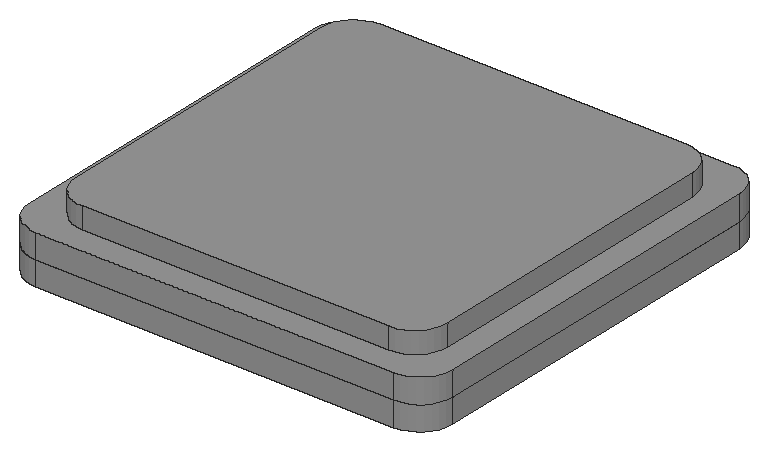
Revit family "FMS2_63_UN_Surface-mounted_ETK", category Lighting Fixtures, Revit 2019 (continued)
Definition of nested family "FMS.2 - Lightsource"
  Types (14, lengths in mm): name | Wattage Comments | Wattage | built-in parameter 1150134 | Photometric Web File | built-in parameter 1150142 | built-in parameter 1150105 | Lumens | built-in parameter 1150107 | built-in parameter 1150106 | Apparent Load
      5.602\t121.459\r\n117.3712\t113.3249\t109.3062\t105.3151\t101.3102\t97.3329\t93.397\t89.5026\t85.7049\t81.9624\r\n78.2613\t74.574\t70.9143\t67.2823\t63.6779\t60.1011\t56.552\t53.0304\t49.5365\t46.0702\r\n38.4056\t26.0319\t13.6332\t1.214\t0\t0\t0\t0\t0\t0\r\n0\r\n502.9602\t502.684\t502.2697\t502.1316\t501.9935\t501.7173\t501.5792\t501.4411\t501.0268\t500.7506\r\n500.3363\t500.0601\t499.5077\t499.0934\t498.541\t497.9886\t497.4362\t496.8838\t496.1933\t495.5028\r\n494.6742\t493.8456\t493.017\t492.1884\t491.3598\t490.3931\t489.4264\t488.3216\t487.2168\t486.112\r\n485.0072\t483.9024\t482.6595\t481.2785\t480.0356\t478.6546\t477.2736\t475.7545\t474.3735\t472.8544\r\n471.4734\t469.8162\t468.2971\t466.5018\t464.8446\t463.1874\t461.5302\t459.7349\t457.9396\t456.0062\r\n454.2109\t452.2775\t450.3441\t448.2726\t446.3392\t444.2677\t442.1962\t440.1247\t438.0532\t435.9817\r\n433.9102\t431.7006\t429.3529\t427.1433\t425.0718\t422.586\t419.6859\t416.6477\t413.6095\t410.5713\r\n407.5331\t404.4949\t401.3186\t398.2804\t395.1041\t392.0659\t388.8896\t385.7133\t382.537\t379.2226\r\n376.0463\t372.87\t369.5556\t366.3793\t363.0649\t359.7505\t356.5742\t353.2598\t350.0835\t346.7691\r\n343.3166\t340.0022\t336.8259\t333.3734\t330.059\t326.7446\t323.4302\t319.9777\t316.6633\t313.2108\r\n309.8964\t306.582\t303.1295\t299.8151\t296.5007\t293.1863\t289.7338\t286.2813\t282.6907\t278.8239\r\n274.819\t270.9522\t266.9473\t263.0805\t259.0756\t254.9326\t251.0658\t247.199\t243.3322\t239.3273\r\n235.4605\t231.5937\t227.5888\t223.722\t219.8552\t215.9884\t212.1216\t208.2548\t204.5261\t200.7974\r\n196.9306\t193.2019\t189.3351\t185.6064\t181.8777\t177.5966\t173.3155\t169.0344\t164.8914\t160.6103\r\n156.3292\t152.1862\t148.0432\t143.9002\t139.7572\t135.7247\t131.6645\t127.5906\t123.5581\t119.5532\r\n115.5621\t111.6124\t107.6766\t103.7822\t99.9015\t96.0762\t92.2646\t88.4807\t84.7105\t80.9818\r\n77.2808\t73.5935\t69.9476\t66.3156\t62.6974\t59.1206\t55.5438\t51.9947\t40.9052\t29.1529\r\n17.4006\t5.6179\t0\t0\t0\t0\t0\t0\t0\t0\r\n0\r\n502.9602\t502.5459\t502.1316\t501.9935\t501.7173\t501.5792\t501.303\t501.0268\t500.7506\t500.3363\r\n499.922\t499.5077\t499.0934\t498.541\t498.1267\t497.5743\t496.8838\t496.3314\t495.6409\t494.9504\r\n494.2599\t493.4313\t492.6027\t491.7741\t490.8074\t489.9788\t489.0121\t488.0454\t487.0787\t485.8358\r\n484.731\t483.6262\t482.5214\t481.2785\t480.0356\t478.7927\t477.4117\t476.0307\t474.6497\t473.2687\r\n471.7496\t470.3686\t468.8495\t467.3304\t465.8113\t464.1541\t462.4969\t460.8397\t459.1825\t457.5253\r\n455.73\t453.9347\t452.1394\t450.3441\t448.4107\t446.4773\t444.5439\t442.0581\t439.2961\t436.5341\r\n433.7721\t431.0101\t428.2481\t425.348\t422.4479\t419.5478\t416.7858\t413.8857\t410.9856\t408.0855\r\n405.0473\t402.0091\t398.9709\t396.0708\t393.0326\t389.9944\t386.9562\t383.918\t380.8798\t377.8416\r\n374.8034\t371.6271\t368.4508\t365.4126\t362.2363\t359.06\t355.8837\t352.7074\t349.6692\t346.4929\r\n343.3166\t340.1403\t336.964\t333.7877\t330.6114\t327.5732\t324.3969\t321.2206\t317.9062\t314.1775\r\n310.4488\t306.582\t302.7152\t298.8484\t295.1197\t291.2529\t287.3861\t283.5193\t279.7906\t276.0619\r\n272.1951\t268.4664\t264.5996\t260.8709\t257.0041\t253.2754\t249.4086\t245.818\t242.0893\t238.3606\r\n234.6319\t230.9032\t227.1745\t223.4458\t219.7171\t215.9884\t212.3978\t208.6691\t204.388\t200.1069\r\n195.8258\t191.6828\t187.4017\t183.2587\t179.1157\t174.9727\t170.8297\t166.6867\t162.5437\t158.4007\r\n154.3958\t150.3909\t146.386\t142.243\t138.2381\t134.2332\t130.2421\t126.2925\t122.3842\t118.476\r\n114.5678\t110.6872\t106.8065\t102.9397\t99.1006\t95.289\t91.4912\t87.7211\t83.9648\t80.2223\r\n76.5074\t72.8063\t69.1191\t65.4456\t61.7859\t56.11\t44.7168\t33.3373\t21.9303\t10.5329\r\n0\t0\t0\t0\t0\t0\t0\t0\t0\t0\r\n0\r\n502.9602\t502.5459\t502.1316\t501.7173\t501.5792\t501.303\t501.0268\t500.7506\t500.3363\t500.0601\r\n499.6458\t499.0934\t498.6791\t498.1267\t497.5743\t497.0219\t496.4695\t495.9171\t495.2266\t494.5361\r\n493.8456\t493.017\t492.3265\t491.3598\t490.5312\t489.7026\t488.7359\t487.9073\t486.8025\t485.8358\r\n484.731\t483.6262\t482.5214\t481.4166\t480.3118\t479.0689\t477.826\t476.5831\t475.2021\t473.9592\r\n472.5782\t471.1972\t469.6781\t468.2971\t466.9161\t465.5351\t464.016\t462.4969\t460.8397\t459.1825\r\n457.5253\t455.1776\t452.6918\t450.0679\t447.444\t444.8201\t442.1962\t439.5723\t436.9484\t434.1864\r\n431.4244\t428.6624\t425.9004\t423.1384\t420.5145\t417.7525\t414.8524\t412.0904\t409.1903\t406.4283\r\n403.5282\t400.6281\t397.8661\t394.966\t392.0659\t389.1658\t386.1276\t383.2275\t380.3274\t377.2892\r\n374.3891\t371.489\t368.4508\t365.5507\t362.5125\t359.6124\t356.5742\t353.6741\t350.6359\t347.5977\r\n344.5595\t340.9689\t337.2402\t333.6496\t329.9209\t326.1922\t322.6016\t318.8729\t315.1442\t311.5536\r\n307.8249\t304.0962\t300.5056\t296.7769\t293.0482\t289.3195\t285.7289\t282.0002\t278.4096\t274.6809\r\n271.0903\t267.3616\t263.771\t260.0423\t256.4517\t252.8611\t249.2705\t245.6799\t242.0893\t238.4987\r\n234.9081\t230.9032\t226.7602\t222.4791\t218.3361\t214.1931\t210.0501\t205.9071\t201.7641\t197.7592\r\n193.6162\t189.4732\t185.4683\t181.4634\t177.3204\t173.3155\t169.3106\t165.1676\t161.1627\t157.1578\r\n153.291\t149.2861\t145.4193\t141.4144\t137.4785\t133.4875\t129.524\t125.5743\t121.6523\t117.7302\r\n113.8358\t109.9552\t106.0884\t102.2354\t98.4101\t94.5847\t90.7869\t87.003\t83.2329\t79.4766\r\n75.734\t72.0053\t68.2766\t61.0126\t49.8265\t38.6266\t27.4405\t16.2406\t5.0407\t0\r\n0\t0\t0\t0\t0\t0\t0\t0\t0\t0\r\n0\r\n502.9602\t502.5459\t501.9935\t501.5792\t501.303\t501.0268\t500.7506\t500.4744\t500.0601\t499.6458\r\n499.2315\t498.8172\t498.2648\t497.8505\t497.16\t496.6076\t496.0552\t495.5028\t494.8123\t494.1218\r\n493.5694\t492.8789\t492.0503\t491.2217\t490.3931\t489.5645\t488.5978\t487.7692\t486.8025\t485.8358\r\n484.8691\t483.9024\t482.7976\t481.6928\t480.588\t479.4832\t478.3784\t477.2736\t476.0307\t474.9259\r\n473.683\t472.302\t470.921\t469.6781\t468.2971\t466.9161\t464.8446\t462.4969\t460.1492\t457.6634\r\n455.3157\t452.8299\t450.3441\t447.7202\t445.2344\t442.7486\t440.2628\t437.6389\t435.015\t432.5292\r\n429.9053\t427.2814\t424.5194\t421.7574\t419.1335\t416.3715\t413.7476\t410.9856\t408.3617\t405.5997\r\n402.8377\t400.0757\t397.3137\t394.5517\t391.7897\t389.0277\t386.2657\t383.5037\t380.6036\t377.8416\r\n374.9415\t372.1795\t369.2794\t366.5174\t363.6173\t360.0267\t356.4361\t352.8455\t349.2549\t345.6643\r\n342.0737\t338.4831\t334.8925\t331.3019\t327.7113\t324.1207\t320.5301\t316.9395\t313.3489\t309.7583\r\n306.1677\t302.5771\t299.1246\t295.534\t291.9434\t288.3528\t284.9003\t281.3097\t277.8572\t274.2666\r\n270.8141\t267.3616\t263.771\t260.3185\t256.7279\t252.9992\t248.8562\t244.8513\t240.7083\t236.7034\r\n232.5604\t228.5555\t224.4125\t220.4076\t216.2646\t212.2597\t208.2548\t204.2499\t200.245\t196.2401\r\n192.2352\t188.2303\t184.2254\t180.2205\t176.3537\t172.3488\t168.3439\t164.4771\t160.6103\t156.6054\r\n152.7386\t148.7337\t144.7288\t140.7239\t136.6914\t132.7279\t128.7921\t124.87\t120.9618\t117.0674\r\n113.1868\t109.3062\t105.4532\t101.6002\t97.761\t93.9356\t90.1241\t86.3263\t82.5286\t78.7446\r\n74.9607\t67.2133\t56.1238\t45.0482\t33.9726\t22.897\t11.8214\t0.7455\t0\t0\r\n0\t0\t0\t0\t0\t0\t0\t0\t0\t0\r\n0\r\n502.9602\t502.4078\t501.9935\t501.4411\t501.1649\t500.8887\t500.4744\t500.0601\t499.7839\t499.3696\r\n498.8172\t498.4029\t497.8505\t497.4362\t496.8838\t496.3314\t495.6409\t495.0885\t494.398\t493.8456\r\n493.1551\t492.4646\t491.7741\t491.0836\t490.255\t489.4264\t488.5978\t487.7692\t486.9406\t485.9739\r\n485.0072\t484.0405\t483.0738\t482.1071\t481.1404\t480.1737\t479.0689\t477.9641\t476.8593\t475.7545\r\n474.7878\t473.5449\t471.8877\t469.6781\t467.3304\t464.9827\t462.635\t460.2873\t457.9396\t455.5919\r\n453.2442\t450.8965\t448.5488\t446.063\t443.7153\t441.2295\t438.7437\t436.1198\t433.634\t431.1482\r\n428.6624\t426.1766\t423.5527\t421.0669\t418.443\t415.9572\t413.3333\t410.7094\t408.0855\t405.3235\r\n402.6996\t400.0757\t397.4518\t394.8279\t392.204\t389.442\t386.8181\t384.1942\t381.4322\t378.394\r\n374.9415\t371.489\t368.0365\t364.584\t361.1315\t357.5409\t354.0884\t350.6359\t347.0453\t343.5928\r\n340.1403\t336.6878\t333.2353\t329.6447\t326.1922\t322.7397\t319.2872\t315.8347\t312.3822\t308.7916\r\n305.3391\t301.8866\t298.4341\t294.9816\t291.5291\t288.0766\t284.6241\t281.1716\t277.7191\t274.4047\r\n270.676\t266.6711\t262.6662\t258.6613\t254.6564\t250.6515\t246.6466\t242.6417\t238.6368\t234.6319\r\n230.7651\t226.7602\t222.7553\t218.8885\t214.8836\t211.0168\t207.0119\t203.007\t199.1402\t195.1353\r\n191.2685\t187.4017\t183.5349\t179.53\t175.6632\t171.7964\t167.7915\t163.7866\t159.9198\t155.9149\r\n151.91\t147.9051\t144.0383\t140.0334\t136.0699\t132.1341\t128.1982\t124.2762\t120.368\t116.4735\r\n112.5791\t108.6985\t104.8317\t100.9649\t97.1119\t93.2727\t89.4336\t85.6082\t81.7966\t74.6845\r\n63.6779\t52.6713\t41.6648\t30.6582\t19.6516\t8.6492\t0\t0\t0\t0\r\n0\t0\t0\t0\t0\t0\t0\t0\t0\t0\r\n0\r\n502.9602\t502.4078\t501.8554\t501.4411\t501.0268\t500.6125\t500.1982\t499.7839\t499.3696\t498.9553\r\n498.541\t498.1267\t497.5743\t497.0219\t496.4695\t495.9171\t495.3647\t494.8123\t494.1218\t493.5694\r\n492.8789\t492.1884\t491.4979\t490.8074\t490.1169\t489.4264\t488.5978\t487.9073\t487.0787\t486.2501\r\n485.2834\t484.4548\t483.6262\t482.6595\t481.6928\t480.7261\t479.7594\t478.7927\t477.826\t476.3069\r\n474.0973\t472.0258\t469.8162\t467.6066\t465.397\t463.1874\t460.8397\t458.6301\t456.4205\t454.0728\r\n451.7251\t449.3774\t447.0297\t444.682\t442.3343\t439.9866\t437.6389\t435.1531\t432.8054\t430.3196\r\n427.9719\t425.4861\t423.0003\t420.5145\t418.0287\t415.5429\t413.0571\t410.5713\t408.0855\t405.5997\r\n403.1139\t400.6281\t398.1423\t395.5184\t393.0326\t389.5801\t386.2657\t382.8132\t379.4988\t376.0463\r\n372.7319\t369.2794\t365.965\t362.5125\t359.1981\t355.7456\t352.4312\t348.9787\t345.6643\t342.2118\r\n338.8974\t335.4449\t331.9924\t328.678\t325.2255\t321.9111\t318.4586\t315.1442\t311.8298\t308.3773\r\n305.0629\t301.6104\t298.296\t294.9816\t291.5291\t288.2147\t284.3479\t280.4811\t276.4762\t272.4713\r\n268.6045\t264.7377\t260.7328\t256.7279\t252.8611\t248.8562\t244.9894\t241.1226\t237.2558\t233.2509\r\n229.3841\t225.5173\t221.6505\t217.7837\t213.9169\t210.0501\t206.1833\t202.3165\t198.4497\t194.5829\r\n190.7161\t186.9874\t183.1206\t179.1157\t175.1108\t171.1059\t167.2391\t163.2342\t159.2293\t155.2244\r\n151.3576\t147.3527\t143.3478\t139.481\t135.4899\t131.5541\t127.632\t123.71\t119.8017\t115.9073\r\n112.0129\t108.1185\t104.2379\t100.3711\t96.5043\t92.6375\t88.7845\t83.5091\t72.5439\t61.565\r\n50.5998\t39.6347\t28.6696\t17.7044\t6.7407\t0\t0\t0\t0\t0\r\n0\t0\t0\t0\t0\t0\t0\t0\t0\t0\r\n0\r\n502.9602\t502.4078\t501.8554\t501.303\t500.8887\t500.3363\t499.922\t499.5077\t499.0934\t498.6791\r\n498.2648\t497.7124\t497.16\t496.7457\t496.1933\t495.6409\t495.0885\t494.5361\t493.8456\t493.2932\r\n492.6027\t492.0503\t491.3598\t490.6693\t489.9788\t489.2883\t488.5978\t487.9073\t487.2168\t486.3882\r\n485.6977\t484.8691\t484.0405\t483.2119\t482.3833\t481.5547\t480.588\t478.6546\t476.5831\t474.5116\r\n472.302\t470.2305\t468.0209\t465.9494\t463.7398\t461.5302\t459.3206\t457.111\t454.9014\t452.6918\r\n450.4822\t448.1345\t445.9249\t443.5772\t441.3676\t439.0199\t436.6722\t434.3245\t432.1149\t429.7672\r\n427.4195\t425.0718\t422.7241\t420.3764\t418.0287\t415.681\t413.3333\t410.8475\t408.4998\t406.014\r\n403.6663\t400.6281\t397.3137\t394.1374\t390.823\t387.5086\t384.1942\t380.8798\t377.5654\t374.251\r\n370.9366\t367.7603\t364.4459\t361.1315\t357.8171\t354.5027\t351.1883\t347.7358\t344.4214\t341.107\r\n337.7926\t334.6163\t331.3019\t327.9875\t324.6731\t321.3587\t318.0443\t314.7299\t311.5536\t308.2392\r\n304.9248\t301.6104\t298.0198\t294.153\t290.2862\t286.2813\t282.4145\t278.5477\t274.6809\t270.676\r\n266.8092\t262.9424\t259.0756\t255.3469\t251.4801\t247.6133\t243.7465\t239.8797\t236.0129\t232.1461\r\n228.4174\t224.5506\t220.6838\t216.9551\t213.0883\t209.3596\t205.4928\t201.7641\t197.8973\t194.1686\r\n190.3018\t186.2969\t182.292\t178.4252\t174.4203\t170.5535\t166.5486\t162.6818\t158.6769\t154.8101\r\n150.9433\t146.9384\t143.0716\t139.2048\t135.2828\t131.4022\t127.5215\t123.6409\t119.7603\t115.8935\r\n112.0267\t108.1599\t104.2931\t100.4401\t96.5871\t92.7065\t83.3848\t72.3368\t61.2888\t50.2546\r\n39.2342\t28.2138\t17.1934\t6.1883\t0\t0\t0\t0\t0\t0\r\n0\t0\t0\t0\t0\t0\t0\t0\t0\t0\r\n0\r\n502.9602\t502.4078\t501.8554\t501.303\t500.6125\t500.1982\t499.7839\t499.2315\t498.8172\t498.4029\r\n497.8505\t497.4362\t496.8838\t496.3314\t495.779\t495.3647\t494.8123\t494.1218\t493.5694\t493.017\r\n492.4646\t491.7741\t491.0836\t490.5312\t489.8407\t489.1502\t488.5978\t487.9073\t487.2168\t486.5263\r\n485.8358\t485.1453\t484.4548\t483.6262\t482.9357\t481.2785\t479.3451\t477.2736\t475.064\t472.9925\r\n470.921\t468.7114\t466.6399\t464.4303\t462.3588\t460.1492\t458.0777\t455.8681\t453.6585\t451.587\r\n449.3774\t447.1678\t444.9582\t442.7486\t440.539\t438.3294\t436.1198\t433.7721\t431.5625\t429.3529\r\n427.0052\t424.7956\t422.4479\t420.2383\t417.8906\t415.681\t413.3333\t411.1237\t408.2236\t405.0473\r\n401.871\t398.5566\t395.3803\t392.204\t388.8896\t385.7133\t382.537\t379.3607\t376.0463\t372.7319\r\n369.5556\t366.2412\t363.0649\t359.7505\t356.5742\t353.3979\t350.0835\t346.9072\t343.5928\t340.4165\r\n337.1021\t333.9258\t330.7495\t327.4351\t324.2588\t321.0825\t317.7681\t314.5918\t311.4155\t307.6868\r\n303.82\t299.9532\t296.0864\t292.3577\t288.4909\t284.6241\t280.7573\t277.0286\t273.1618\t269.295\r\n265.5663\t261.6995\t257.9708\t254.104\t250.3753\t246.5085\t242.7798\t238.913\t235.1843\t231.3175\r\n227.5888\t223.8601\t219.9933\t216.2646\t212.5359\t208.6691\t204.9404\t201.2117\t197.2068\t193.34\r\n189.3351\t185.4683\t181.6015\t177.5966\t173.7298\t169.7249\t165.8581\t161.9913\t158.1245\t154.1196\r\n150.2528\t146.386\t142.5192\t138.6524\t134.7304\t130.8498\t126.983\t123.1023\t119.2355\t115.3687\r\n111.5157\t107.6489\t103.796\t99.943\t95.1647\t84.1305\t73.1101\t62.0898\t51.0694\t40.049\r\n29.0424\t18.0221\t7.0031\t0\t0\t0\t0\t0\t0\t0\r\n0\t0\t0\t0\t0\t0\t0\t0\t0\t0\r\n0\r\n502.9602\t502.4078\t501.7173\t501.1649\t500.6125\t500.0601\t499.5077\t499.0934\t498.541\t498.1267\r\n497.5743\t497.0219\t496.6076\t496.0552\t495.5028\t494.9504\t494.398\t493.8456\t493.2932\t492.7408\r\n492.1884\t491.4979\t490.9455\t490.3931\t489.7026\t489.0121\t488.4597\t487.7692\t487.2168\t486.5263\r\n485.8358\t485.1453\t484.4548\t483.7643\t481.8309\t479.7594\t477.6879\t475.7545\t473.683\t471.6115\r\n469.54\t467.4685\t465.397\t463.3255\t461.254\t459.1825\t456.9729\t454.9014\t452.6918\t450.6203\r\n448.4107\t446.3392\t444.1296\t442.0581\t439.8485\t437.777\t435.5674\t433.3578\t431.1482\t429.0767\r\n426.8671\t424.6575\t422.4479\t420.2383\t418.0287\t415.8191\t412.6428\t409.4665\t406.2902\t403.252\r\n400.0757\t396.8994\t393.7231\t390.4087\t387.2324\t384.0561\t380.8798\t377.7035\t374.5272\t371.3509\r\n368.3127\t365.1364\t361.9601\t358.7838\t355.4694\t352.2931\t349.1168\t345.9405\t342.7642\t339.5879\r\n336.4116\t333.2353\t330.059\t327.0208\t323.8445\t320.6682\t317.2157\t313.487\t309.6202\t305.8915\r\n302.1628\t298.296\t294.5673\t290.8386\t286.9718\t283.2431\t279.5144\t275.6476\t271.9189\t268.1902\r\n264.4615\t260.5947\t256.866\t253.1373\t249.4086\t245.6799\t241.9512\t238.0844\t234.3557\t230.627\r\n226.8983\t223.1696\t219.4409\t215.7122\t211.9835\t208.1167\t204.2499\t200.3831\t196.3782\t192.5114\r\n188.6446\t184.6397\t180.7729\t176.9061\t173.0393\t169.1725\t165.1676\t161.3008\t157.434\t153.5672\r\n149.7004\t145.8336\t141.9668\t138.0862\t134.2194\t130.3526\t126.4858\t122.6328\t118.766\t114.8992\r\n111.0462\t107.1932\t103.3264\t97.3329\t86.3263\t75.3059\t64.2994\t53.2928\t42.2862\t31.2796\r\n20.2731\t9.2596\t0\t0\t0\t0\t0\t0\t0\t0\r\n0\t0\t0\t0\t0\t0\t0\t0\t0\t0\r\n0\r\n502.9602\t502.4078\t501.7173\t501.1649\t500.4744\t499.922\t499.3696\t498.8172\t498.2648\t497.8505\r\n497.2981\t496.7457\t496.1933\t495.6409\t495.0885\t494.6742\t494.1218\t493.5694\t493.017\t492.4646\r\n491.9122\t491.2217\t490.6693\t490.1169\t489.5645\t488.874\t488.3216\t487.6311\t487.0787\t486.5263\r\n485.8358\t485.1453\t484.3167\t482.3833\t480.3118\t478.3784\t476.3069\t474.3735\t472.302\t470.2305\r\n468.159\t466.2256\t464.1541\t462.0826\t460.0111\t457.9396\t455.8681\t453.7966\t451.7251\t449.6536\r\n447.5821\t445.5106\t443.4391\t441.3676\t439.2961\t437.2246\t435.015\t432.9435\t430.7339\t428.6624\r\n426.4528\t424.2432\t422.1717\t420.1002\t417.062\t414.0238\t410.9856\t407.8093\t404.7711\t401.5948\r\n398.4185\t395.3803\t392.204\t389.0277\t385.9895\t382.8132\t379.6369\t376.5987\t373.4224\t370.2461\r\n367.2079\t364.0316\t360.8553\t357.8171\t354.6408\t351.6026\t348.4263\t345.3881\t342.2118\t339.1736\r\n336.1354\t332.9591\t329.7828\t326.6065\t323.154\t319.2872\t315.5585\t311.8298\t308.1011\t304.3724\r\n300.6437\t296.915\t293.1863\t289.4576\t285.7289\t282.0002\t278.2715\t274.5428\t270.8141\t267.0854\r\n263.3567\t259.628\t255.8993\t252.1706\t248.4419\t244.7132\t240.9845\t237.3939\t233.6652\t229.9365\r\n226.2078\t222.4791\t218.7504\t215.0217\t211.1549\t207.2881\t203.4213\t199.5545\t195.6877\t191.8209\r\n187.9541\t184.0873\t180.2205\t176.3537\t172.4869\t168.6201\t164.7533\t160.8865\t156.8816\t153.0148\r\n149.148\t145.2812\t141.4144\t137.6167\t133.7498\t129.883\t126.0301\t122.1633\t118.3103\t114.4435\r\n110.5905\t106.7375\t100.9925\t89.9998\t78.9932\t68.0004\t57.0077\t46.0149\t35.0084\t24.0156\r\n13.0201\t2.0232\t0\t0\t0\t0\t0\t0\t0\t0\r\n0\t0\t0\t0\t0\t0\t0\t0\t0\t0\r\n0\r\n502.9602\t502.4078\t501.7173\t501.1649\t500.4744\t499.922\t499.2315\t498.6791\t498.1267\t497.5743\r\n497.0219\t496.4695\t495.9171\t495.3647\t494.8123\t494.2599\t493.7075\t493.1551\t492.6027\t492.0503\r\n491.4979\t490.9455\t490.3931\t489.8407\t489.2883\t488.5978\t488.0454\t487.493\t486.9406\t486.2501\r\n485.6977\t485.1453\t483.0738\t481.1404\t479.0689\t477.1355\t475.064\t473.1306\t471.0591\t469.1257\r\n467.0542\t464.9827\t463.0493\t460.9778\t458.9063\t456.9729\t454.9014\t452.8299\t450.8965\t448.825\r\n446.7535\t444.682\t442.6105\t440.539\t438.4675\t436.396\t434.3245\t432.253\t430.1815\t428.11\r\n426.0385\t423.967\t421.6193\t418.5811\t415.5429\t412.3666\t409.3284\t406.2902\t403.1139\t400.0757\r\n397
